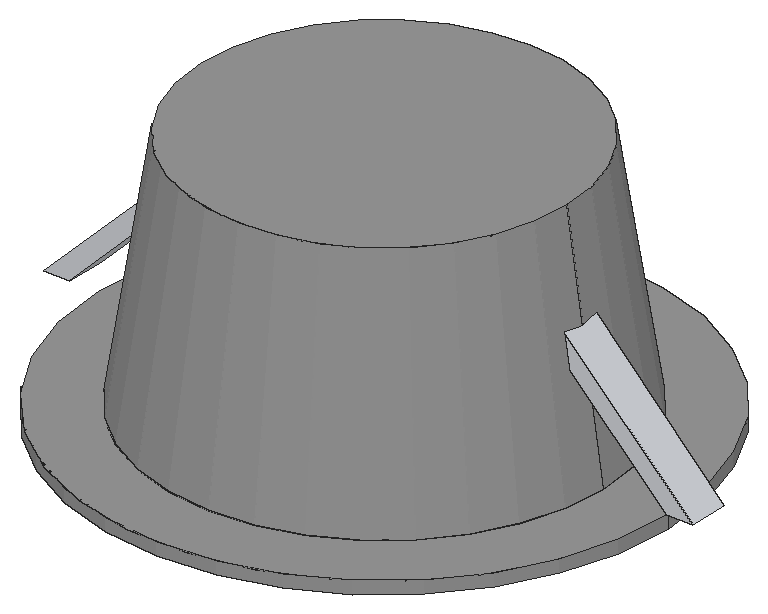
Revit family "MAGELLAN-DOWN_LIGHT_LED_28W_O220+connect_19_3000K", category Lighting Fixtures, host Ceiling, Revit 2021
Family settings
  Host = Ceiling
  Round Connector Dimension = Use Diameter
  Part Type = Normal
  OmniClass Number = 23.80.70.11
  OmniClass Title = Luminaries for Internal Lighting
  Always vertical = Yes
  Cut with Voids When Loaded = No
  Light Source = Yes
  Shared = No
  Room Calculation Point = No
Parameters (values of type "Type 1")
  Wattage = 18.8499 W
  built-in parameter 1150110 = 1 (stored number, unit not read)
  URL = "https://www.lucera.fr/"
  built-in parameter 1114217 = 1 (stored number, unit not read)
  Tilt Angle = 90.00°
  built-in parameter 1150109 = 1 (stored number, unit not read)
  built-in parameter 1150134 = (empty or 0)
  built-in parameter 1150113 = 1 (stored number, unit not read)
  SDCM = "3"
  Puissance nominale = "28W"
  Photometric Web File = "google_eulumdat_converter.ies"
  Matériau = "Aluminium + PC réflecteur finition chrome"
  Manufacturer = "Lucera - Lucera (c) 06/01/2021 16:40:03 +01:00"  # constant formula
  Maintien du flux = "L80B10 (50 000 heures)"
  Lumens = 2800 lm
  built-in parameter 1150115 = 1 (stored number, unit not read)
  built-in parameter 1150105 = 222.82 (stored number, unit not read)
  built-in parameter 1150137 = (empty or 0)
  built-in parameter 1150139 = (empty or 0)
  built-in parameter 1150112 = 1 (stored number, unit not read)
  built-in parameter 1150114 = 1 (stored number, unit not read)
  Lamp = "LED Hongli 2835"
  built-in parameter 1150132 = 2
  built-in parameter 1150102 = (empty or 0)
  built-in parameter 1150138 = (empty or 0)
  built-in parameter 1150107 = 3000 (stored number, unit not read)
  built-in parameter 1150106 = 2.2282 (stored number, unit not read)
  IRC = ">90"
  built-in parameter 1150104 = 13.8 (stored number, unit not read)
  Durée de vie = "50 000 heures"
  Driver = "Driver Lifud TUV CE RCM CCC"
  Dimming Lamp Color Temperature Shift = <None>
  Dimensions = "Ø 220 mm, H = 98 mm"
  Dimension découpe = "Ø 195 mm"
  Default Elevation = 0 mm
  Couleur = "Blanc"
  Color Filter = 16777215
  built-in parameter 1114218 = 1 (stored number, unit not read)
  built-in parameter 1150133 = 10 (stored number, unit not read)
  Angle d'éclairage = "80°"
  Alimentation luminaire = "33-40V dc / 700mA"
  Alimentation Driver = "AC 220-240V"
Reference planes
  plane 1 "Light Source Axis (F/B)": y = 0
  plane 2: z = 0
  plane 3 "Light Source Axis (L/R)": x = 0
  plane 4 "Ceiling": z = 4000
  plane 5 "Light Source Elevation": z = 3988.263
Forms (mm)
  Extrusion 1, solid
    sketch origin (-5, 0, 5) x (-1, 0, 0) y (0, 0, -1)
      loop
        line (70, -4040.314) -> (70, -4050.314) -> (120.314, -4000) -> (110.314, -4000) -> (70, -4040.314)
    from -7.541 to 7.745
  Extrusion 2, solid, material "Aluminum"
    sketch origin (0, 0, 4000) x (0, 1, 0) y (-1, 0, 0)
      loop
        circle (0, 0) r 110
      loop
        circle (0, 0) r 85
    from -5 to 0
  Blend 3, solid, material "Aluminum, gris"
    base sketch origin (0, 0, 4000) x (0, 1, 0) y (-1, 0, 0)
      loop
        circle (0, 0) r 85
    top sketch origin (0, 0, 4000) x (0, 1, 0) y (-1, 0, 0)
      loop
        circle (0, 0) r 70.405
    from 0 to 92.992
  Extrusion 4, solid, material "Glass, White, High Luminance"
    sketch origin (0, 0, 4000) x (0, 1, 0) y (-1, 0, 0)
      loop
        circle (0, 0.29) r 85.231
    from -5 to 0
  Extrusion 5, solid
    sketch origin (5, 0, 5) x (1, 0, 0) y (0, 0, 1)
      loop
        line (70, 4040.314) -> (110.314, 4000) -> (120.314, 4000) -> (70, 4050.314) -> (70, 4040.314)
    from -7.541 to 7.745
Lines and regions (mm)
  reference lines
    curve 1: line (0, 0, 4000) -> (65, 0, 4000)
    curve 2: line (0, 0, 3995) -> (0, 0, 4063)
    curve 3: line (0, 0, 4000) -> (92.5, 0, 4000)
    curve 4: line (0, 0, 3995) -> (0, 0, 4092.992)
    curve 5: line (0, 0, 4000) -> (110, 0, 4000)
Dimensions and locks
  equal spacing: host sketch curve, plane 3 "Light Source Axis (L/R)", host sketch curve
  equal spacing: host sketch curve, plane 1 "Light Source Axis (F/B)", host sketch curve
  host sketch curve to host sketch curve = 4000 mm  (x2)
  plane 4 "Ceiling" to host ceiling = 0 mm
  aligned and locked: plane 1 "Light Source Axis (F/B)" to imposter light
  aligned and locked: plane 5 "Light Source Elevation" to imposter light
